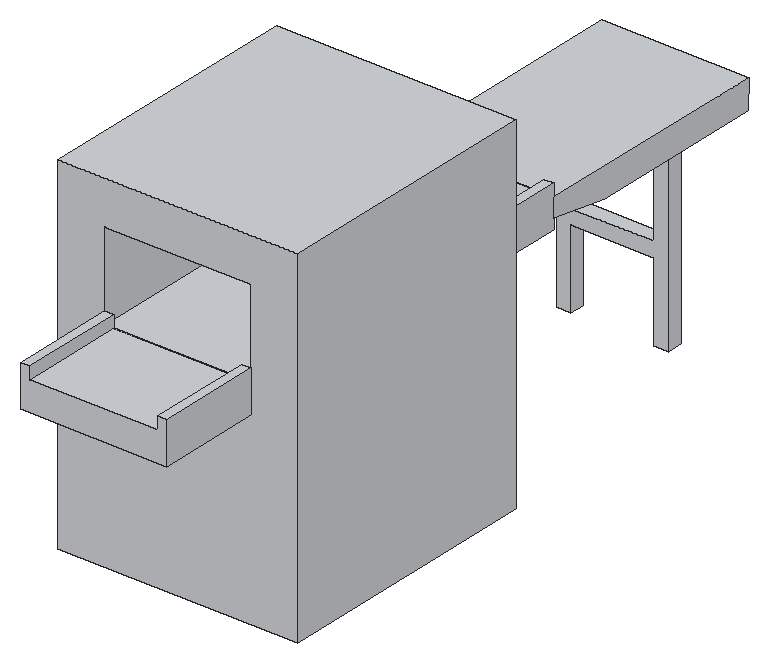
Revit family "X-Ray Machine", category Security Devices, Revit 2022
Family settings
  Round Connector Dimension = Use Diameter
  Part Type = Normal
  OmniClass Number = 23.85.50.17
  OmniClass Title = Communication and Data Processing Equipment
  Work Plane-Based = Yes
  Always vertical = Yes
  Cut with Voids When Loaded = No
  Maintain Annotation Orientation = No
  Shared = No
  Room Calculation Point = No
Parameters
  Default Elevation = 4' - 0"
  Body Length = 3' - 0 115/128"
  Total Width = 2' - 8 51/128"
Reference planes (in)
  plane 1 "Center (Front/Back)": y = 0
  plane 2: z = 0
  plane 3 "Center (Left/Right)": x = 0
Forms (in)
  Extrusion 1, solid
    sketch origin (0, 0, 0) x (0, 1, 0) y (0, 0, 1)
      loop
        line (18.44922, 47.1) -> (-18.44922, 47.1) -> (-18.44922, 0) -> (18.44922, 0) -> (18.44922, 47.1)
    from -16.19922 to 16.19922
  Extrusion 2, solid
    sketch origin (0, 32.62109, 0) x (1, 0, 0) y (0, 0, 1)
      loop
        line (-9.9, 31) -> (-9.9, 25.33) -> (9.9, 25.33) -> (9.9, 31) -> (8.65, 31) -> (8.65, 29.33) -> (-8.65, 29.33) -> (-8.65, 31) -> (-9.9, 31)
    from 14.17188 to 0
  Extrusion 3, solid
    sketch origin (0, -18.44922, 0) x (1, 0, 0) y (0, 0, 1)
      loop
        line (-9.9, 25.33) -> (9.9, 25.33) -> (9.9, 31) -> (8.65, 31) -> (8.65, 29.33) -> (-8.65, 29.33) -> (-8.65, 31) -> (-9.9, 31) -> (-9.9, 25.33)
    from 14.25 to 0
  Extrusion 4, solid
    sketch origin (0, 57, 0) x (1, 0, 0) y (0, 0, 1)
      loop
        line (-7.6139, 25.33) -> (-7.6139, 0) -> (-5.6139, 0) -> (-5.6139, 10.665) -> (5.6139, 10.665) -> (5.6139, 0) -> (7.6139, 0) -> (7.6139, 25.33) -> (5.6139, 25.33) -> (5.6139, 12.665) -> (-5.6139, 12.665) -> (-5.6139, 25.33) -> (-7.6139, 25.33)
    from 0 to 2
  Extrusion 5, void
    sketch origin (0, 0, 0) x (1, 0, 0) y (0, 0, 1)
      loop
        line (-9.9, 41.18) -> (-9.9, 29.33) -> (9.9, 29.33) -> (9.9, 41.18) -> (-9.9, 41.18)
    from -18.44922 to 18.44922
  Extrusion 6, solid
    sketch origin (0, 0, 0) x (0, 1, 0) y (0, 0, 1)
      loop
        line (32.62109, 29.33) -> (32.62109, 26.84409) -> (41.20795, 25.33) -> (65.53078, 25.33) -> (65.53078, 29.33) -> (32.62109, 29.33)
    from -9.9 to 9.9
Cuts and joins
  Extrusion 5 cuts Extrusion 1
Lines and regions (in)
  reference lines
    curve 1: line (0, 65.53078, 52.13724) -> (0, 65.53078, 13.13724)
Dimensions and locks (in)
  equal spacing: Extrusion 1 sketch curve, plane 1 "Center (Front/Back)", Extrusion 1 sketch curve
  "Body Length": Extrusion 1 sketch curve to Extrusion 1 sketch curve
  Extrusion 1 sketch curve to Extrusion 1 sketch curve = 3' - 11.1"
  locked: Extrusion 2 sketch curve to Extrusion 2 sketch curve at 19.8
  Extrusion 2 sketch curve to Extrusion 2 sketch curve = 1' - 7.8"
  locked: Extrusion 3 sketch curve to Extrusion 3 sketch curve at 19.8
  Extrusion 3 sketch curve to Extrusion 3 sketch curve = 1' - 7.8"
  locked: Extrusion 5 sketch curve to Extrusion 5 sketch curve at 19.8
  locked: Extrusion 5 sketch curve to Extrusion 5 sketch curve at 11.85
  curve 1 to Extrusion 3 = 8' - 2.23"
  aligned and locked: Extrusion 1 to Extrusion 5  (x2)
Automatic sketch dimensions
  Extrusion 4 sketch curve to level = 0' - 0"  (x2)
  Extrusion 4 sketch curve to plane 3 "Center (Left/Right)" = 0' - 7.6139"
  Extrusion 4 sketch curve to Extrusion 4 sketch curve = 0' - 2"  (x4)
  plane 3 "Center (Left/Right)" to Extrusion 4 sketch curve = 0' - 5.6139"  (x2)
  Extrusion 4 sketch curve to Extrusion 4 sketch curve = 0' - 10.665"
  Extrusion 4 sketch curve to Extrusion 4 sketch curve = 1' - 0.665"  (x2)
  Extrusion 5 sketch curve to plane 3 "Center (Left/Right)" = 0' - 9.9"
  level to Extrusion 5 sketch curve = 2' - 5.33"
  Extrusion 1 sketch curve to level = 0' - 0"
  level to curve 1 = 1' - 1.13724"
  curve 1 to plane 1 "Center (Front/Back)" = 5' - 5.53078"
  curve 1 to curve 1 = 3' - 3"
  Extrusion 6 sketch curve to plane 1 "Center (Front/Back)" = 3' - 5.20795"
  Extrusion 6 sketch curve to Extrusion 6 sketch curve = 2' - 0.32283"
  level to Extrusion 6 sketch curve = 2' - 1.33"
  Extrusion 6 sketch curve to Extrusion 6 sketch curve = 0' - 4"
  Extrusion 6 sketch curve to Extrusion 6 sketch curve = 0' - 8.58686"
  Extrusion 6 sketch curve to Extrusion 6 sketch curve = 0' - 2.48591"
  Extrusion 2 sketch curve to plane 3 "Center (Left/Right)" = 0' - 9.9"
  Extrusion 2 sketch curve to Extrusion 2 sketch curve = 0' - 1 1/4"  (x2)
  level to Extrusion 2 sketch curve = 2' - 1.33"
  Extrusion 2 sketch curve to Extrusion 2 sketch curve = 0' - 4"
  Extrusion 2 sketch curve to Extrusion 2 sketch curve = 0' - 1.67"  (x2)
  Extrusion 3 sketch curve to plane 3 "Center (Left/Right)" = 0' - 9.9"
  Extrusion 3 sketch curve to Extrusion 3 sketch curve = 0' - 1 1/4"  (x2)
  level to Extrusion 3 sketch curve = 2' - 1.33"
  Extrusion 3 sketch curve to Extrusion 3 sketch curve = 0' - 4"
  Extrusion 3 sketch curve to Extrusion 3 sketch curve = 0' - 1.67"  (x2)
